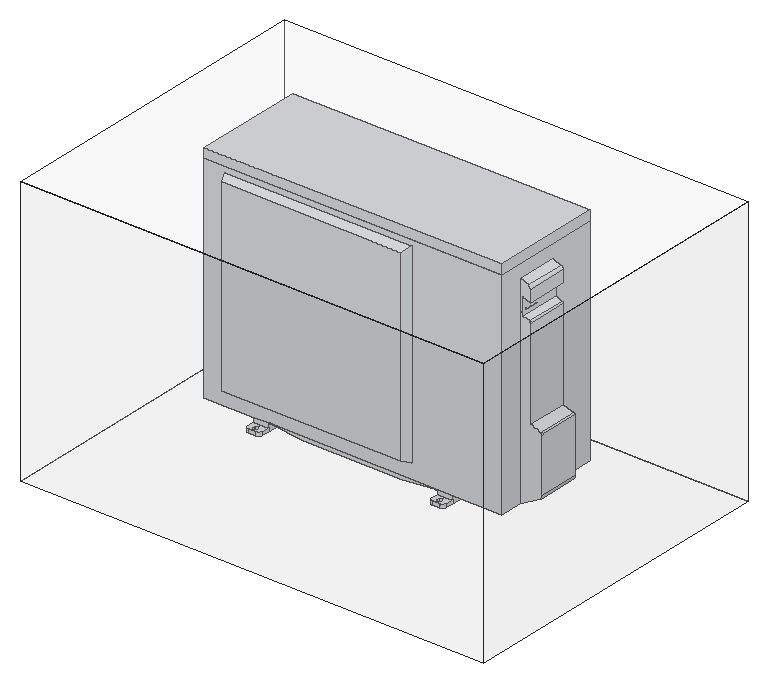
Revit family "puz-ermp40_63(s)ka11_50Hz", category 機械設備, Revit 2019 (continued)
Definition of nested family "PUZ-ZRMP-1"
  Lines and regions (mm)
    model lines, visible <- "タイプ1", detail levels fine
      curve 340: arc (-404.5, -95, 79) -> (-404.5, -98.536, 77.536) -> (-404.5, -100, 74) r 5
      curve 341: arc (-404.5, -100, 64) -> (-404.5, -98.536, 60.464) -> (-404.5, -95, 59) r 5
    model lines, visible <- "タイプ3", not visible
      curve 342: line (-404.5, -100, 907) -> (-404.5, -60, 907)
      curve 343: line (-404.5, -100, 1097) -> (-404.5, -100, 907)
      curve 344: line (-404.5, -60, 1097) -> (-404.5, -100, 1097)
      curve 345: line (-404.5, -60, 907) -> (-404.5, -60, 1097)
      curve 346: line (-404.5, 60, 907) -> (-404.5, 100, 907)
      curve 347: line (-404.5, 60, 1097) -> (-404.5, 60, 907)
      curve 348: line (-404.5, 100, 1097) -> (-404.5, 60, 1097)
      curve 349: line (-404.5, 100, 907) -> (-404.5, 100, 1097)
      curve 350: line (-404.5, -46.667, 907) -> (-404.5, -6.667, 907)
      curve 351: line (-404.5, -46.667, 1097) -> (-404.5, -46.667, 907)
      curve 352: line (-404.5, -6.667, 1097) -> (-404.5, -46.667, 1097)
      curve 353: line (-404.5, -6.667, 907) -> (-404.5, -6.667, 1097)
      curve 354: line (-404.5, 6.667, 907) -> (-404.5, 46.667, 907)
      curve 355: line (-404.5, 6.667, 1097) -> (-404.5, 6.667, 907)
      curve 356: line (-404.5, 46.667, 1097) -> (-404.5, 6.667, 1097)
      curve 357: line (-404.5, 46.667, 907) -> (-404.5, 46.667, 1097)
      curve 358: line (-404.5, -100, 1112) -> (-404.5, -60, 1112)
      curve 359: line (-404.5, -100, 1302) -> (-404.5, -100, 1112)
      curve 360: line (-404.5, -60, 1302) -> (-404.5, -100, 1302)
      curve 361: line (-404.5, -60, 1112) -> (-404.5, -60, 1302)
      curve 362: line (-404.5, 60, 1112) -> (-404.5, 100, 1112)
      curve 363: line (-404.5, 60, 1302) -> (-404.5, 60, 1112)
      curve 364: line (-404.5, 100, 1302) -> (-404.5, 60, 1302)
      curve 365: line (-404.5, 100, 1112) -> (-404.5, 100, 1302)
      curve 366: line (-404.5, -46.667, 1112) -> (-404.5, -6.667, 1112)
      curve 367: line (-404.5, -46.667, 1302) -> (-404.5, -46.667, 1112)
      curve 368: line (-404.5, -6.667, 1302) -> (-404.5, -46.667, 1302)
      curve 369: line (-404.5, -6.667, 1112) -> (-404.5, -6.667, 1302)
      curve 370: line (-404.5, 6.667, 1112) -> (-404.5, 46.667, 1112)
      curve 371: line (-404.5, 6.667, 1302) -> (-404.5, 6.667, 1112)
      curve 372: line (-404.5, 46.667, 1302) -> (-404.5, 6.667, 1302)
      curve 373: line (-404.5, 46.667, 1112) -> (-404.5, 46.667, 1302)
    model lines, visible <- "タイプ2", not visible
      curve 374: line (-600, -100, 33.5) -> (-600, -60, 33.5)
      curve 375: line (-600, -100, 73.5) -> (-600, -100, 33.5)
      curve 376: line (-600, -60, 73.5) -> (-600, -100, 73.5)
      curve 377: line (-600, -60, 33.5) -> (-600, -60, 73.5)
      curve 378: line (-600, 60, 33.5) -> (-600, 100, 33.5)
      curve 379: line (-600, 60, 73.5) -> (-600, 60, 33.5)
      curve 380: line (-600, 100, 73.5) -> (-600, 60, 73.5)
      curve 381: line (-600, 100, 33.5) -> (-600, 100, 73.5)
      curve 382: line (-509, -46.667, 33.5) -> (-509, -6.667, 33.5)
      curve 383: line (-509, -46.667, 73.5) -> (-509, -46.667, 33.5)
      curve 384: line (-509, -6.667, 73.5) -> (-509, -46.667, 73.5)
      curve 385: line (-509, -6.667, 33.5) -> (-509, -6.667, 73.5)
      curve 386: line (-509, 6.667, 33.5) -> (-509, 46.667, 33.5)
      curve 387: line (-509, 6.667, 73.5) -> (-509, 6.667, 33.5)
      curve 388: line (-509, 46.667, 73.5) -> (-509, 6.667, 73.5)
      curve 389: line (-509, 46.667, 33.5) -> (-509, 46.667, 73.5)
      curve 483: line (-404.5, -100, 33.5) -> (-404.5, -60, 33.5)
      curve 484: line (-404.5, -100, 73.5) -> (-404.5, -100, 33.5)
      curve 485: line (-404.5, -60, 73.5) -> (-404.5, -100, 73.5)
      curve 486: line (-404.5, -60, 33.5) -> (-404.5, -60, 73.5)
      curve 487: line (-404.5, 60, 33.5) -> (-404.5, 100, 33.5)
      curve 488: line (-404.5, 60, 73.5) -> (-404.5, 60, 33.5)
      curve 489: line (-404.5, 100, 73.5) -> (-404.5, 60, 73.5)
      curve 490: line (-404.5, 100, 33.5) -> (-404.5, 100, 73.5)
      curve 491: line (-404.5, -46.667, 33.5) -> (-404.5, -6.667, 33.5)
      curve 492: line (-404.5, -46.667, 73.5) -> (-404.5, -46.667, 33.5)
      curve 493: line (-404.5, -6.667, 73.5) -> (-404.5, -46.667, 73.5)
      curve 494: line (-404.5, -6.667, 33.5) -> (-404.5, -6.667, 73.5)
      curve 495: line (-404.5, 6.667, 33.5) -> (-404.5, 46.667, 33.5)
      curve 496: line (-404.5, 6.667, 73.5) -> (-404.5, 6.667, 33.5)
      curve 497: line (-404.5, 46.667, 73.5) -> (-404.5, 6.667, 73.5)
      curve 498: line (-404.5, 46.667, 33.5) -> (-404.5, 46.667, 73.5)
    model lines, not visible
      curve 390: line (-404.5, -100, 87) -> (-404.5, -60, 87)
      curve 391: line (-404.5, -100, 277) -> (-404.5, -100, 87)
      curve 392: line (-404.5, -60, 277) -> (-404.5, -100, 277)
      curve 393: line (-404.5, -60, 87) -> (-404.5, -60, 277)
      curve 394: line (-404.5, -100, 292) -> (-404.5, -60, 292)
      curve 395: line (-404.5, -100, 482) -> (-404.5, -100, 292)
      curve 396: line (-404.5, -60, 482) -> (-404.5, -100, 482)
      curve 397: line (-404.5, -60, 292) -> (-404.5, -60, 482)
      curve 398: line (-404.5, -100, 497) -> (-404.5, -60, 497)
      curve 399: line (-404.5, -100, 687) -> (-404.5, -100, 497)
      curve 400: line (-404.5, -60, 687) -> (-404.5, -100, 687)
      curve 401: line (-404.5, -60, 497) -> (-404.5, -60, 687)
      curve 402: line (-404.5, -100, 702) -> (-404.5, -60, 702)
      curve 403: line (-404.5, -100, 892) -> (-404.5, -100, 702)
      curve 404: line (-404.5, -60, 892) -> (-404.5, -100, 892)
      curve 405: line (-404.5, -60, 702) -> (-404.5, -60, 892)
      curve 406: line (-404.5, 60, 87) -> (-404.5, 100, 87)
      curve 407: line (-404.5, 60, 277) -> (-404.5, 60, 87)
      curve 408: line (-404.5, 100, 277) -> (-404.5, 60, 277)
      curve 409: line (-404.5, 100, 87) -> (-404.5, 100, 277)
      curve 410: line (-404.5, -46.667, 87) -> (-404.5, -6.667, 87)
      curve 411: line (-404.5, -46.667, 277) -> (-404.5, -46.667, 87)
      curve 412: line (-404.5, -6.667, 277) -> (-404.5, -46.667, 277)
      curve 413: line (-404.5, -6.667, 87) -> (-404.5, -6.667, 277)
      curve 414: line (-404.5, 6.667, 87) -> (-404.5, 46.667, 87)
      curve 415: line (-404.5, 6.667, 277) -> (-404.5, 6.667, 87)
      curve 416: line (-404.5, 46.667, 277) -> (-404.5, 6.667, 277)
      curve 417: line (-404.5, 46.667, 87) -> (-404.5, 46.667, 277)
      curve 418: line (-404.5, 60, 292) -> (-404.5, 100, 292)
      curve 419: line (-404.5, 60, 482) -> (-404.5, 60, 292)
      curve 420: line (-404.5, 100, 482) -> (-404.5, 60, 482)
      curve 421: line (-404.5, 100, 292) -> (-404.5, 100, 482)
      curve 422: line (-404.5, 60, 702) -> (-404.5, 100, 702)
      curve 423: line (-404.5, 60, 892) -> (-404.5, 60, 702)
      curve 424: line (-404.5, 100, 892) -> (-404.5, 60, 892)
      curve 425: line (-404.5, 100, 702) -> (-404.5, 100, 892)
      curve 426: line (-404.5, -46.667, 292) -> (-404.5, -6.667, 292)
      curve 427: line (-404.5, -46.667, 482) -> (-404.5, -46.667, 292)
      curve 428: line (-404.5, -6.667, 482) -> (-404.5, -46.667, 482)
      curve 429: line (-404.5, -6.667, 292) -> (-404.5, -6.667, 482)
      curve 430: line (-404.5, -46.667, 497) -> (-404.5, -6.667, 497)
      curve 431: line (-404.5, -46.667, 687) -> (-404.5, -46.667, 497)
      curve 432: line (-404.5, -6.667, 687) -> (-404.5, -46.667, 687)
      curve 433: line (-404.5, -6.667, 497) -> (-404.5, -6.667, 687)
      curve 434: line (-404.5, -46.667, 702) -> (-404.5, -6.667, 702)
      curve 435: line (-404.5, -46.667, 892) -> (-404.5, -46.667, 702)
      curve 436: line (-404.5, -6.667, 892) -> (-404.5, -46.667, 892)
      curve 437: line (-404.5, -6.667, 702) -> (-404.5, -6.667, 892)
      curve 438: line (-404.5, 6.667, 292) -> (-404.5, 46.667, 292)
      curve 439: line (-404.5, 6.667, 482) -> (-404.5, 6.667, 292)
      curve 440: line (-404.5, 46.667, 482) -> (-404.5, 6.667, 482)
      curve 441: line (-404.5, 46.667, 292) -> (-404.5, 46.667, 482)
      curve 442: line (-404.5, 6.667, 497) -> (-404.5, 46.667, 497)
      curve 443: line (-404.5, 6.667, 687) -> (-404.5, 6.667, 497)
      curve 444: line (-404.5, 46.667, 687) -> (-404.5, 6.667, 687)
      curve 445: line (-404.5, 46.667, 497) -> (-404.5, 46.667, 687)
      curve 446: line (-404.5, 6.667, 702) -> (-404.5, 46.667, 702)
      curve 447: line (-404.5, 6.667, 892) -> (-404.5, 6.667, 702)
      curve 448: line (-404.5, 46.667, 892) -> (-404.5, 6.667, 892)
      curve 449: line (-404.5, 46.667, 702) -> (-404.5, 46.667, 892)
      curve 450: line (-338.5, -173.2, 372.5) -> (149.5, -173.2, 372.5)
      curve 451: line (149.5, -173.2, 277.5) -> (-338.5, -173.2, 277.5)
      curve 452: line (-338.5, -173.2, 467.5) -> (149.5, -173.2, 467.5)
      curve 453: line (-338.5, -173.2, 562.5) -> (149.5, -173.2, 562.5)
      curve 454: line (149.5, -173.2, 182.5) -> (-338.5, -173.2, 182.5)
      curve 455: line (149.5, -173.2, 87.5) -> (-338.5, -173.2, 87.5)
      curve 456: line (-321.071, -173.2, 579) -> (-321.071, -173.2, 71)
      curve 457: line (132.071, -173.2, 71) -> (132.071, -173.2, 579)
      curve 458: line (-303.643, -173.2, 579) -> (-303.643, -173.2, 71)
      curve 459: line (-286.214, -173.2, 579) -> (-286.214, -173.2, 71)
      curve 460: line (-268.786, -173.2, 579) -> (-268.786, -173.2, 71)
      curve 461: line (-251.357, -173.2, 579) -> (-251.357, -173.2, 71)
      curve 462: line (-233.929, -173.2, 579) -> (-233.929, -173.2, 71)
      curve 463: line (-216.5, -173.2, 579) -> (-216.5, -173.2, 71)
      curve 464: line (-199.071, -173.2, 579) -> (-199.071, -173.2, 71)
      curve 465: line (-181.643, -173.2, 579) -> (-181.643, -173.2, 71)
      curve 466: line (-164.214, -173.2, 579) -> (-164.214, -173.2, 71)
      curve 467: line (-146.786, -173.2, 579) -> (-146.786, -173.2, 71)
      curve 468: line (-129.357, -173.2, 579) -> (-129.357, -173.2, 71)
      curve 469: line (-111.929, -173.2, 579) -> (-111.929, -173.2, 71)
      curve 470: line (-94.5, -173.2, 579) -> (-94.5, -173.2, 71)
      curve 471: line (-77.071, -173.2, 579) -> (-77.071, -173.2, 71)
      curve 472: line (-59.643, -173.2, 579) -> (-59.643, -173.2, 71)
      curve 473: line (-42.214, -173.2, 579) -> (-42.214, -173.2, 71)
      curve 474: line (-24.786, -173.2, 579) -> (-24.786, -173.2, 71)
      curve 475: line (-7.357, -173.2, 579) -> (-7.357, -173.2, 71)
      curve 476: line (10.071, -173.2, 579) -> (10.071, -173.2, 71)
      curve 477: line (27.5, -173.2, 579) -> (27.5, -173.2, 71)
      curve 478: line (44.929, -173.2, 579) -> (44.929, -173.2, 71)
      curve 479: line (62.357, -173.2, 579) -> (62.357, -173.2, 71)
      curve 480: line (79.786, -173.2, 579) -> (79.786, -173.2, 71)
      curve 481: line (97.214, -173.2, 579) -> (97.214, -173.2, 71)
      curve 482: line (114.643, -173.2, 579) -> (114.643, -173.2, 71)
    symbolic lines, visible <- "タイプ1"
      curve 499: line (-278.151, 150, 630) -> (-404.5, 150, 630)
      curve 500: line (-404.5, 150, 630) -> (-404.5, -5.599, 630)
      curve 501: line (-404.5, 40, 630) -> (-424.5, 30, 630)
      curve 502: line (-424.5, 30, 630) -> (-424.5, -30, 630)
      curve 503: line (-424.5, -30, 630) -> (-404.5, -40, 630)
      curve 504: line (-404.5, -5.599, 630) -> (-404.5, -150, 630)
      curve 505: line (-404.5, -150, 630) -> (-301.612, -150, 630)
      curve 506: arc (-269.474, -173.2, 630) -> (-265.831, -178.124, 630) -> (-260, -180, 630) r 10
      curve 507: line (-260, -180, 630) -> (-240, -180, 630)
      curve 508: arc (-240, -180, 630) -> (-234.169, -178.124, 630) -> (-230.526, -173.2, 630) r 10
      curve 509: line (-301.612, -150, 630) -> (280.999, -150, 630)
      curve 510: line (230, -150, 630) -> (230, -170, 630)
      curve 511: arc (230, -170, 630) -> (232.929, -177.071, 630) -> (240, -180, 630) r 10
      curve 512: line (240, -180, 630) -> (260, -180, 630)
      curve 513: arc (260, -180, 630) -> (267.071, -177.071, 630) -> (270, -170, 630) r 10
      curve 514: line (270, -170, 630) -> (270, -150, 630)
      curve 515: line (280.999, -150, 630) -> (404.5, -150, 630)
      curve 516: line (404.5, -150, 630) -> (404.5, -77.105, 630)
      curve 517: line (404.5, -90, 630) -> (466.5, -90, 630)
      curve 518: line (466.5, -90, 630) -> (466.5, 20, 630)
      curve 519: line (466.5, 20, 630) -> (404.5, 20, 630)
      curve 520: line (404.5, -77.105, 630) -> (404.5, 150, 630)
      curve 521: line (404.5, 150, 630) -> (308.975, 150, 630)
      curve 522: line (270, 150, 630) -> (270, 180, 630)
      curve 523: line (270, 180, 630) -> (230, 180, 630)
      curve 524: line (230, 180, 630) -> (230, 150, 630)
      curve 525: line (308.975, 150, 630) -> (-278.151, 150, 630)
      curve 526: line (-230, 150, 630) -> (-230, 180, 630)
      curve 527: line (-230, 180, 630) -> (-270, 180, 630)
      curve 528: line (-270, 180, 630) -> (-270, 150, 630)
      curve 529: line (-324.5, 100, 630) -> (324.5, 100, 630)
      curve 530: line (-324.5, 40, 630) -> (-324.5, 100, 630)
      curve 531: line (324.5, 40, 630) -> (-324.5, 40, 630)
      curve 532: line (324.5, 100, 630) -> (324.5, 40, 630)
      curve 533: line (324.5, 30, 630) -> (-324.5, 30, 630)
      curve 534: line (324.5, -30, 630) -> (324.5, 30, 630)
      curve 535: line (-324.5, -30, 630) -> (324.5, -30, 630)
      curve 536: line (-324.5, 30, 630) -> (-324.5, -30, 630)
      curve 537: line (-324.5, -40, 630) -> (324.5, -40, 630)
      curve 538: line (-324.5, -100, 630) -> (-324.5, -40, 630)
      curve 539: line (324.5, -100, 630) -> (-324.5, -100, 630)
      curve 540: line (324.5, -40, 630) -> (324.5, -100, 630)
      curve 541: line (339.5, 100, 630) -> (354.5, 100, 630)
      curve 542: line (339.5, -100, 630) -> (339.5, 100, 630)
      curve 543: line (354.5, -100, 630) -> (339.5, -100, 630)
      curve 544: line (354.5, 100, 630) -> (354.5, -100, 630)
      curve 545: line (-354.5, 100, 630) -> (-339.5, 100, 630)
      curve 546: line (-354.5, -100, 630) -> (-354.5, 100, 630)
      curve 547: line (-339.5, -100, 630) -> (-354.5, -100, 630)
      curve 548: line (-339.5, 100, 630) -> (-339.5, -100, 630)
      curve 549: line (-338.5, -173.2, 630) -> (149.5, -173.2, 630)
      curve 550: line (149.5, -173.2, 630) -> (159.5, -150, 630)
      curve 551: line (-348.5, -150, 630) -> (-338.5, -173.2, 630)
  Dimensions and locks
    equal spacing: plane 8, plane 1 "中心(正面/背面)", plane 7
    "奥行き": plane 8 to plane 7
    equal spacing: plane 5, plane 3 "中心(左/右)", plane 6
    "幅さ": plane 5 to plane 6
    "高さ": plane 4 to level
    locked: plane 6 to plane 9 at 62
    locked: plane 8 to plane 10 at 60
    locked: plane 8 to plane 11 at 170
    locked: plane 4 to plane 12 at 25
    locked: plane 13 to plane 5 at 20
    "吊りボルト-D": plane 17 to plane 16
    equal spacing: plane 17, plane 1 "中心(正面/背面)", plane 16
    equal spacing: plane 14, plane 3 "中心(左/右)", plane 15
    "吊りボルト-W": plane 14 to plane 15
    plane 21 to plane 14 to plane 20 = 20 mm locked, 20 mm locked
    plane 19 to plane 15 to plane 18 = 20 mm locked, 20 mm locked
    locked: plane 16 to plane 22 at 15
    locked: plane 23 to plane 17 at 15
    locked: plane 24 to level at 8.5
    locked: plane 25 to level at 20
    locked: plane 26 to plane 24 at 3
    locked: plane 4 to plane 29 at 5
    plane 7 to plane 1 "中心(正面/背面)" to plane 8 = 150 mm, 150 mm
    plane 31 to plane 1 "中心(正面/背面)" to plane 30 = 40 mm locked, 40 mm locked
    plane 33 to plane 1 "中心(正面/背面)" to plane 32 = 30 mm locked, 30 mm locked
    locked: plane 34 to plane 12 at 5
    locked: plane 35 to level at 55
    locked: plane 36 to level at 225
    equal spacing: plane 6, plane 39, plane 9
    locked: plane 6 to plane 38 at 10
    locked: plane 20 to plane 27 at 95
    locked: plane 28 to plane 19 at 95
    "換気-D": plane 40 to plane 8
    "換気-W": plane 41 to plane 5
    "換気-H1": plane 42 to level
    plane 43 to plane 41 to plane 44 = 254 mm locked, 254 mm locked
    plane 45 to plane 42 to plane 46 = 264 mm locked, 264 mm locked
    locked: plane 43 to plane 48 at 10
    locked: plane 47 to plane 44 at 10
    locked: plane 45 to plane 49 at 10
    locked: plane 50 to plane 46 at 10
    locked: curve 26 to plane 50 at 16.5
    locked: plane 49 to curve 24 at 16.5
    equal spacing: curve 24, curve 23, curve 21, curve 22, curve 25, curve 26
    equal spacing: plane 48, curve 28, curve 53, curve 52, curve 51, curve 50, curve 49, curve 48, curve 47, curve 46, curve 45, curve 44, curve 43, curve 42, curve 41, curve 40, curve 39, curve 38, curve 37, curve 36, curve 35, curve 34, curve 33, curve 32, curve 31, curve 30, curve 29, curve 27, plane 47
    locked: curve 4 to curve 6 at 10
    locked: curve 3 to curve 5 at 10
    locked: plane 51 to plane 7 at 50
    locked: plane 8 to plane 52 at 50
    equal spacing: group 1, group 2, group 3, group 4, group 5, group 6, group 7, group 8, group 9, group 10, group 11, group 12, group 13, group 14, group 15, group 16, group 17, group 18  (x2)
    equal spacing: group 18, group 17, group 16, group 15, group 14, group 13, group 12, group 11, group 10, group 9, group 8, group 7, group 6, group 5, group 4, group 3, group 2, group 1
    "ドレン管径-X": plane 5 to plane 53
    "ドレン管径-Y": plane 8 to plane 54
    "配線取出口-Y": plane 57 to plane 7
    "冷媒液管径-Y": plane 58 to plane 7
    "冷媒ガス管径-Y": plane 59 to plane 7
    "配線取出口-X": plane 3 "中心(左/右)" to plane 56
    "冷媒ガス管径-X": plane 3 "中心(左/右)" to plane 55
    "冷媒液管径-X": plane 3 "中心(左/右)" to plane 60
    "冷媒液管径-Z": plane 62 to level
    "冷媒ガス管径-Z": plane 61 to level
    "配線取出口-Z": plane 63 to level
    locked: plane 57 to plane 64 at 50
    locked: plane 65 to plane 61 at 37.8
    locked: plane 66 to plane 62 at 16.1
    equal spacing: plane 55, plane 67, plane 60
    equal spacing: plane 58, plane 68, plane 59
    "a": plane 69 "グループ" to plane 3 "中心(左/右)"
    plane 71 to level = 943 mm
    plane 70 to level = 1338 mm
    locked: plane 37 to level at 570
    curve 21 to plane 42 to curve 22 = 47.5 mm locked, 47.5 mm locked
    "換気-H2": plane 72 to plane 42
    plane 73 to plane 72 to plane 74 = 264 mm locked, 264 mm locked
    locked: plane 76 to plane 74 at 10
    locked: plane 73 to plane 75 at 10
    plane 48 to plane 47 = 488 mm
    plane 68 to plane 7 = 185.5 mm
    plane 61 to level = 99.5 mm
    plane 65 to plane 61 = 37.8 mm
    plane 62 to level = 164.5 mm
    plane 66 to plane 62 = 16.1 mm
    plane 68 to plane 77 to plane 78 = 23 mm locked, 17.5 mm locked
    plane 68 to plane 77 = 23 mm
    plane 77 to plane 78 = 17.5 mm
    equal spacing: plane 77, plane 79, plane 78
    "ドレン配管サイズ": diameter of Extrusion 3 sketch curve
    "配線取出口サイズ": diameter of Extrusion 9 sketch curve
    "吊りボルト-φ": diameter of Extrusion 10 sketch curve  (x4)
    "冷媒配管サイズ": diameter of Sweep 11 sketch curve
    "ガス配管サイズ": diameter of Sweep 12 sketch curve
    aligned and locked: level to plane 2
    aligned and locked: Extrusion 1 to level
    aligned and locked: plane 25 to Extrusion 1
    aligned and locked: Extrusion 2 sketch curve to plane 25
    aligned and locked: Extrusion 2 sketch curve to plane 26
    aligned and locked: Extrusion 2 to plane 7
    aligned and locked: plane 8 to Extrusion 2
    aligned and locked: Extrusion 3 to plane 26
    aligned and locked: Extrusion 3 to plane 24
    aligned and locked: Extrusion 4 sketch curve to plane 7
    aligned and locked: Extrusion 4 sketch curve to plane 8
    aligned and locked: Extrusion 4 sketch curve to plane 5
    aligned and locked: Extrusion 4 sketch curve to plane 6
    aligned and locked: Extrusion 4 to plane 25
    aligned and locked: plane 12 to Extrusion 4
    aligned and locked: Extrusion 5 sketch curve to Extrusion 4  (x4)
    aligned and locked: Extrusion 5 to plane 12
    aligned and locked: plane 4 to Extrusion 5
    aligned and locked: plane 29 to Blend 6 sketch curve
    aligned and locked: Blend 6 sketch curve to plane 31
    aligned and locked: Blend 6 sketch curve to plane 12  (x2)
    aligned and locked: plane 30 to Blend 6 sketch curve
    aligned and locked: plane 34 to Blend 6 sketch curve
    aligned and locked: Blend 6 sketch curve to plane 33
    aligned and locked: plane 32 to Blend 6 sketch curve
    aligned and locked: Blend 6 to plane 13
    aligned and locked: plane 5 to Blend 6
    aligned and locked: Extrusion 7 sketch curve to plane 6
    aligned and locked: Extrusion 7 sketch curve to plane 9
    aligned and locked: Extrusion 7 sketch curve to plane 39
    aligned and locked: Extrusion 7 sketch curve to Extrusion 7 sketch curve
    aligned and locked: Extrusion 7 sketch curve to plane 38
    aligned and locked: Extrusion 7 to plane 11
    aligned and locked: plane 10 to Extrusion 7
    aligned and locked: Blend 8 sketch curve to plane 45
    aligned and locked: Blend 8 sketch curve to plane 46
    aligned and locked: Blend 8 sketch curve to plane 44
    aligned and locked: Blend 8 sketch curve to plane 43
    aligned and locked: Blend 8 sketch curve to plane 49
    aligned and locked: Blend 8 sketch curve to plane 47
    aligned and locked: Blend 8 sketch curve to plane 48
    aligned and locked: Blend 8 sketch curve to plane 50
    aligned and locked: Blend 8 to plane 8
    aligned and locked: plane 40 to Blend 8
    aligned and locked: curve 17 to plane 51
    aligned and locked: curve 1 to plane 51
    aligned and locked: plane 51 to curve 19
    aligned and locked: curve 18 to plane 52
    aligned and locked: plane 52 to curve 2
    aligned and locked: plane 52 to curve 20
    aligned and locked: plane 53 to Extrusion 3 sketch curve
    aligned and locked: plane 54 to Extrusion 3 sketch curve
    aligned and locked: plane 63 to Extrusion 9 sketch curve
    aligned and locked: plane 56 to Extrusion 9 sketch curve
    aligned and locked: plane 57 to Extrusion 9
    aligned and locked: Extrusion 9 to plane 64
    aligned and locked: plane 22 to Extrusion 10 sketch curve  (x4)
    aligned and locked: plane 21 to Extrusion 10 sketch curve
    aligned and locked: Extrusion 2 to Extrusion 10 sketch curve  (x2)
    aligned and locked: Extrusion 10 sketch curve to Extrusion 1  (x6)
    aligned and locked: plane 19 to Extrusion 10 sketch curve
    aligned and locked: Extrusion 10 sketch curve to plane 23  (x2)
    aligned and locked: Extrusion 10 sketch curve to plane 18
    aligned and locked: Extrusion 10 sketch curve to plane 20
    aligned and locked: plane 16 to Extrusion 10 sketch curve  (x2)
    aligned and locked: plane 14 to Extrusion 10 sketch curve  (x2)
    aligned and locked: plane 17 to Extrusion 10 sketch curve  (x2)
    aligned and locked: plane 15 to Extrusion 10 sketch curve  (x2)
    aligned and locked: level to Extrusion 10
    aligned and locked: plane 24 to Extrusion 10
    aligned and locked: Masking region 1 sketch curve to Extrusion 5  (x4)
    aligned and locked: Masking region 1 sketch curve to Blend 6  (x3)
    aligned and locked: Masking region 1 sketch curve to Extrusion 7  (x2)
    aligned and locked: Masking region 1 sketch curve to plane 9
    aligned and locked: Masking region 1 sketch curve to Extrusion 10  (x8)
    aligned and locked: Masking region 1 to curve 499
    aligned and locked: curve 500 to Masking region 1
    aligned and locked: curve 501 to Masking region 1
    aligned and locked: curve 502 to Masking region 1
    aligned and locked: curve 503 to Masking region 1
    aligned and locked: curve 504 to Masking region 1
    aligned and locked: curve 505 to Masking region 1
    aligned and locked: curve 506 to Masking region 1
    aligned and locked: curve 508 to Masking region 1
    aligned and locked: curve 510 to Masking region 1
    aligned and locked: curve 511 to Masking region 1
    aligned and locked: curve 513 to Masking region 1
    aligned and locked: Masking region 1 to curve 515
    aligned and locked: curve 516 to Masking region 1
    aligned and locked: curve 517 to Masking region 1
    aligned and locked: curve 518 to Masking region 1
    aligned and locked: curve 519 to Masking region 1
    aligned and locked: curve 520 to Masking region 1
    aligned and locked: curve 521 to Masking region 1
    aligned and locked: curve 522 to Masking region 1
    aligned and locked: curve 523 to Masking region 1
    aligned and locked: curve 524 to Masking region 1
    aligned and locked: curve 525 to Masking region 1
    aligned and locked: curve 526 to Masking region 1
    aligned and locked: curve 527 to Masking region 1
    aligned and locked: curve 528 to Masking region 1
    aligned and locked: curve 532 to curve 12
    aligned and locked: Masking region 1 sketch curve to curve 21
    aligned and locked: Masking region 1 sketch curve to Blend 8  (x2)
    aligned and locked: curve 549 to Blend 8
    aligned and locked: curve 550 to Blend 8
    aligned and locked: curve 551 to Blend 8
    aligned and locked: plane 78 to Sweep 12 sketch curve
    aligned and locked: plane 58 to Sweep 12 sketch curve
    aligned and locked: plane 77 to Sweep 11 sketch curve
    aligned and locked: plane 58 to Sweep 11 sketch curve
    aligned and locked: plane 61 to Sweep 12 sketch curve
  Automatic sketch dimensions
    Extrusion 2 sketch curve to plane 20 = 0 mm
    Extrusion 2 sketch curve to plane 27 = 0 mm
    Extrusion 2 sketch curve to plane 28 = 0 mm
    Extrusion 2 sketch curve to plane 19 = 0 mm
    Extrusion 7 sketch curve to plane 39 = 0 mm
    Extrusion 7 sketch curve to plane 25 = 0 mm
    Extrusion 7 sketch curve to plane 36 = 0 mm
    Extrusion 7 sketch curve to plane 37 = 0 mm
    Extrusion 7 sketch curve to Extrusion 7 sketch curve = 10 mm
    Extrusion 7 sketch curve to plane 39 = 6.58 mm
    Extrusion 7 sketch curve to Extrusion 7 sketch curve = 5 mm  (x2)
    plane 39 to Extrusion 7 sketch curve = 21 mm
    Extrusion 7 sketch curve to plane 39 = 3.29 mm
    Extrusion 7 sketch curve to plane 9 = 3.29 mm
    Extrusion 7 sketch curve to plane 35 = 2.87 mm
    Extrusion 7 sketch curve to Extrusion 7 sketch curve = 81.633 mm
    Extrusion 7 sketch curve to Extrusion 7 sketch curve = 30.244 mm
    Extrusion 7 sketch curve to Extrusion 7 sketch curve = 7.643 mm
    plane 7 to Extrusion 1 sketch curve = 0 mm  (x2)
    Extrusion 1 sketch curve to plane 18 = 0 mm
    plane 8 to Extrusion 1 sketch curve = 0 mm  (x2)
    Extrusion 1 sketch curve to plane 19 = 0 mm
    Extrusion 1 sketch curve to plane 20 = 0 mm
    Extrusion 1 sketch curve to plane 21 = 0 mm
    curve 383 to curve 384 = 40 mm
    curve 382 to curve 386 = 13.333 mm
    curve 386 to curve 386 = 40 mm
    curve 382 to curve 389 = 0 mm
    curve 382 to curve 384 = 40 mm
    curve 384 to curve 387 = 0 mm
    curve 375 to curve 376 = 40 mm
    curve 374 to curve 378 = 120 mm
    curve 378 to curve 378 = 40 mm
    curve 374 to curve 381 = 0 mm
    curve 374 to curve 376 = 40 mm
    curve 378 to curve 379 = 40 mm
    curve 25 to plane 47 = 0 mm
    curve 24 to plane 47 = 0 mm
    curve 22 to plane 47 = 0 mm
    curve 23 to plane 47 = 0 mm
    curve 26 to plane 47 = 0 mm
    curve 21 to plane 47 = 0 mm
    curve 24 to plane 48 = 0 mm
    curve 25 to plane 48 = 0 mm
    curve 26 to plane 48 = 0 mm
    curve 23 to plane 48 = 0 mm
    curve 22 to plane 48 = 0 mm
    curve 21 to plane 48 = 0 mm
    curve 37 to plane 50 = 0 mm
    curve 52 to plane 50 = 0 mm
    curve 51 to plane 50 = 0 mm
    curve 50 to plane 50 = 0 mm
    curve 49 to plane 50 = 0 mm
    curve 48 to plane 50 = 0 mm
    curve 47 to plane 50 = 0 mm
    curve 46 to plane 50 = 0 mm
    curve 45 to plane 50 = 0 mm
    curve 44 to plane 50 = 0 mm
    curve 43 to plane 50 = 0 mm
    curve 42 to plane 50 = 0 mm
    curve 41 to plane 50 = 0 mm
    curve 27 to plane 50 = 0 mm
    curve 28 to plane 50 = 0 mm
    curve 40 to plane 50 = 0 mm
    curve 39 to plane 50 = 0 mm
    curve 29 to plane 50 = 0 mm
    curve 38 to plane 50 = 0 mm
    curve 30 to plane 50 = 0 mm
    curve 53 to plane 50 = 0 mm
    curve 31 to plane 50 = 0 mm
    curve 36 to plane 50 = 0 mm
    curve 32 to plane 50 = 0 mm
    curve 35 to plane 50 = 0 mm
    curve 33 to plane 50 = 0 mm
    curve 34 to plane 50 = 0 mm
    curve 28 to plane 49 = 0 mm
    curve 41 to plane 49 = 0 mm
    curve 27 to plane 49 = 0 mm
    curve 42 to plane 49 = 0 mm
    curve 31 to plane 49 = 0 mm
    curve 40 to plane 49 = 0 mm
    curve 37 to plane 49 = 0 mm
    curve 39 to plane 49 = 0 mm
    curve 32 to plane 49 = 0 mm
    curve 45 to plane 49 = 0 mm
    curve 36 to plane 49 = 0 mm
    curve 46 to plane 49 = 0 mm
    curve 43 to plane 49 = 0 mm
    curve 47 to plane 49 = 0 mm
    curve 29 to plane 49 = 0 mm
    curve 48 to plane 49 = 0 mm
    curve 30 to plane 49 = 0 mm
    curve 49 to plane 49 = 0 mm
    curve 44 to plane 49 = 0 mm
    curve 50 to plane 49 = 0 mm
    curve 33 to plane 49 = 0 mm
    curve 51 to plane 49 = 0 mm
    curve 35 to plane 49 = 0 mm
    curve 52 to plane 49 = 0 mm
    curve 38 to plane 49 = 0 mm
    curve 53 to plane 49 = 0 mm
    curve 34 to plane 49 = 0 mm
    Masking region 1 sketch curve to plane 5 = 0 mm
    Masking region 1 sketch curve to plane 6 = 0 mm
    plane 7 to Masking region 1 sketch curve = 0 mm  (x2)
    Masking region 1 sketch curve to plane 15 = 10 mm
    Masking region 1 sketch curve to plane 19 = 0 mm
    plane 8 to Masking region 1 sketch curve = 0 mm  (x2)
    plane 32 to curve 535 = 0 mm
    plane 33 to curve 534 = 0 mm
    curve 541 to plane 56 = 45.5 mm
    curve 13 to curve 20 = 15 mm
    plane 18 to curve 535 = 54.5 mm
    curve 532 to curve 6 = 0 mm
    curve 537 to curve 5 = 0 mm
    plane 47 to curve 536 = 14 mm
    plane 47 to curve 538 = 14 mm
    plane 47 to curve 1 = 14 mm
    curve 16 to plane 47 = 1 mm
    curve 15 to plane 44 = 6 mm
    plane 1 "中心(正面/背面)" to curve 504 = 5.599 mm
    curve 528 to curve 499 = 8.151 mm
    curve 521 to curve 522 = 38.975 mm
    curve 516 to plane 10 = 12.895 mm
    curve 515 to curve 514 = 10.999 mm
    plane 40 to Masking region 1 sketch curve = 0 mm
    Masking region 1 sketch curve to plane 40 = 3.2 mm  (x2)
    Masking region 1 sketch curve to plane 14 = 10 mm
    Masking region 1 sketch curve to plane 20 = 0.526 mm
    curve 509 to plane 21 = 31.612 mm
    plane 40 to curve 506 = 0 mm
    plane 40 to curve 508 = 0 mm
    Sweep 12 sketch curve to plane 65 = 0 mm
    Sweep 11 sketch curve to plane 62 = 0 mm
    Sweep 11 sketch curve to plane 66 = 0 mm
    plane 17 to Extrusion 10 sketch curve = 0 mm  (x2)
    Extrusion 10 sketch curve to plane 40 = 3.2 mm  (x5)
    Extrusion 10 sketch curve to plane 15 = 10 mm
    Extrusion 10 sketch curve to Extrusion 10 sketch curve = 0 mm
    Sweep 11 sketch curve to plane 67 = 0 mm
    Sweep 11 sketch curve to profile plane = 0 mm
    Sweep 12 sketch curve to plane 67 = 0 mm
    Sweep 12 sketch curve to profile plane = 0 mm
Definition of nested family "固定点"
  Parameters (values of type "固定点")
    中心円 = if(W > 599 mm, 12 mm, 10 mm)  # 12 mm
    W = 1000 mm
    D = 1000 mm
  Reference planes
    plane 1 "中心(正面/背面)": y = 0
    plane 2: z = 0
    plane 3 "中心(左/右)": x = 0
    plane 4: x = 1000
    plane 5: y = 1000
  Lines and regions (mm)
    symbolic lines, detail levels fine
      curve 1: circle (0, 1000, 0) r 6 normal (0, 0, 1)
      curve 2: circle (0, 0, 0) r 6 normal (0, 0, 1)
      curve 3: circle (1000, 1000, 0) r 6 normal (0, 0, 1)
      curve 4: circle (1000, 0, 0) r 6 normal (0, 0, 1)
      curve 5: line (-200, 1000, 0) -> (1200, 1000, 0)
      curve 6: line (-200, 0, 0) -> (1200, 0, 0)
      curve 7: line (0, 1200, 0) -> (0, -200, 0)
      curve 8: line (1000, 1200, 0) -> (1000, -200, 0)
  Dimensions and locks
    "W": plane 3 "中心(左/右)" to plane 4
    "D": plane 1 "中心(正面/背面)" to plane 5
    "中心円": diameter of curve 1
    "中心円": diameter of curve 2
    "中心円": diameter of curve 3
    "中心円": diameter of curve 4
    aligned and locked: level to plane 2
    aligned and locked: plane 5 to curve 1
    aligned and locked: plane 3 "中心(左/右)" to curve 1
    aligned and locked: plane 3 "中心(左/右)" to curve 2
    aligned and locked: plane 1 "中心(正面/背面)" to curve 2
    aligned and locked: plane 4 to curve 3
    aligned and locked: plane 5 to curve 3
    aligned and locked: plane 1 "中心(正面/背面)" to curve 4
    aligned and locked: plane 4 to curve 4
    aligned and locked: plane 1 "中心(正面/背面)" to curve 6
    aligned and locked: curve 7 to plane 3 "中心(左/右)"
    aligned and locked: curve 8 to plane 4
  Automatic sketch dimensions
    curve 5 to plane 5 = 0 mm
    curve 6 to plane 3 "中心(左/右)" = 200 mm
    curve 5 to plane 3 "中心(左/右)" = 200 mm
    curve 4 to curve 6 = 200 mm
    curve 3 to curve 5 = 200 mm
    plane 1 "中心(正面/背面)" to curve 8 = 200 mm
    plane 1 "中心(正面/背面)" to curve 7 = 200 mm
    curve 3 to curve 8 = 200 mm
    curve 1 to curve 7 = 200 mm
Types (11, lengths in mm): name | 音響パワーレベル（冷）(dB) | 音響パワーレベル(dB) | 電動機出力_圧縮機 | 質量 | 製品質量 | 相 | 消費電力_暖房 | 消費電力_冷房 | 消費電力 | 構成品番 | 極数 | 暖房能力 | 推奨ブレーカー容量 | 価格 | 冷房能力 | URL
  (no name) | 64 | 66 | 0.7 kW | 45.60 kg | 38.00 kg | 3 | 0.871 kW | 0.759 kW | 0.871 kW | "PUZ-ERMP40KA" | 3 | 4 kW | 15 A | 450000 | 3.6 kW | "https://www.mitsubishielectric.co.jp/ldg/wink/ssl/displayProduct.do?pid=311553"
  PUZ-ERMP40KA11 | 64 | 66 | 0.7 kW | 45.60 kg | 38.00 kg | 3 | 0.871 kW | 0.759 kW | 0.871 kW | "PUZ-ERMP40KA" | 3 | 4 kW | 15 A | 450000 | 3.6 kW | "https://www.mitsubishielectric.co.jp/ldg/wink/ssl/displayProduct.do?pid=311553"
  PUZ-ERMP40SKA11 | 64 | 66 | 0.7 kW | 48.00 kg | 40.00 kg | 1 | 0.871 kW | 0.759 kW | 0.871 kW | "PUZ-ERMP40SKA" | 1 | 4 kW | 20 A | 450000 | 3.6 kW | "https://www.mitsubishielectric.co.jp/ldg/wink/ssl/displayProduct.do?pid=311420"
  PUZ-ERMP45SKA11 | 64 | 66 | 0.9 kW | 48.00 kg | 40.00 kg | 1 | 1.05 kW | 0.91 kW | 1.05 kW | "PUZ-ERMP45SKA" | 1 | 4.5 kW | 20 A | 491000 | 4 kW | "https://www.mitsubishielectric.co.jp/ldg/wink/ssl/displayProduct.do?pid=311426"
  PUZ-ERMP45KA11 | 64 | 66 | 0.9 kW | 45.60 kg | 38.00 kg | 3 | 1.05 kW | 0.91 kW | 1.05 kW | "PUZ-ERMP45KA" | 3 | 4.5 kW | 15 A | 491000 | 4 kW | "https://www.mitsubishielectric.co.jp/ldg/wink/ssl/displayProduct.do?pid=311425"
  PUZ-ERMP50SKA11 | 65 | 67 | 1 kW | 48.00 kg | 40.00 kg | 1 | 1.17 kW | 1.05 kW | 1.17 kW | "PUZ-ERMP50SKA" | 1 | 5 kW | 20 A | 528000 | 4.5 kW | "https://www.mitsubishielectric.co.jp/ldg/wink/ssl/displayProduct.do?pid=311432"
  PUZ-ERMP50KA11 | 65 | 67 | 1 kW | 45.60 kg | 38.00 kg | 3 | 1.17 kW | 1.05 kW | 1.17 kW | "PUZ-ERMP50KA" | 3 | 5 kW | 15 A | 528000 | 4.5 kW | "https://www.mitsubishielectric.co.jp/ldg/wink/ssl/displayProduct.do?pid=311431"
  PUZ-ERMP56SKA11 | 65 | 67 | 1.2 kW | 48.00 kg | 40.00 kg | 1 | 1.34 kW | 1.26 kW | 1.34 kW | "PUZ-ERMP56SKA" | 1 | 5.6 kW | 20 A | 556000 | 5 kW | "https://www.mitsubishielectric.co.jp/ldg/wink/ssl/displayProduct.do?pid=311438"
  PUZ-ERMP56KA11 | 65 | 67 | 1.2 kW | 45.60 kg | 38.00 kg | 3 | 1.34 kW | 1.26 kW | 1.34 kW | "PUZ-ERMP56KA" | 3 | 5.6 kW | 15 A | 556000 | 5 kW | "https://www.mitsubishielectric.co.jp/ldg/wink/ssl/displayProduct.do?pid=311437"
  PUZ-ERMP63SKA11 | 65 | 67 | 1.3 kW | 48.00 kg | 40.00 kg | 1 | 1.4 kW | 1.38 kW | 1.4 kW | "PUZ-ERMP63SKA" | 1 | 6.3 kW | 30 A | 610000 | 5.6 kW | "https://www.mitsubishielectric.co.jp/ldg/wink/ssl/displayProduct.do?pid=311341"
  PUZ-ERMP63KA11 | 65 | 67 | 1.3 kW | 46.80 kg | 39.00 kg | 3 | 1.4 kW | 1.38 kW | 1.4 kW | "PUZ-ERMP63KA" | 3 | 6.3 kW | 15 A | 610000 | 5.6 kW | "https://www.mitsubishielectric.co.jp/ldg/wink/ssl/displayProduct.do?pid=311443"
